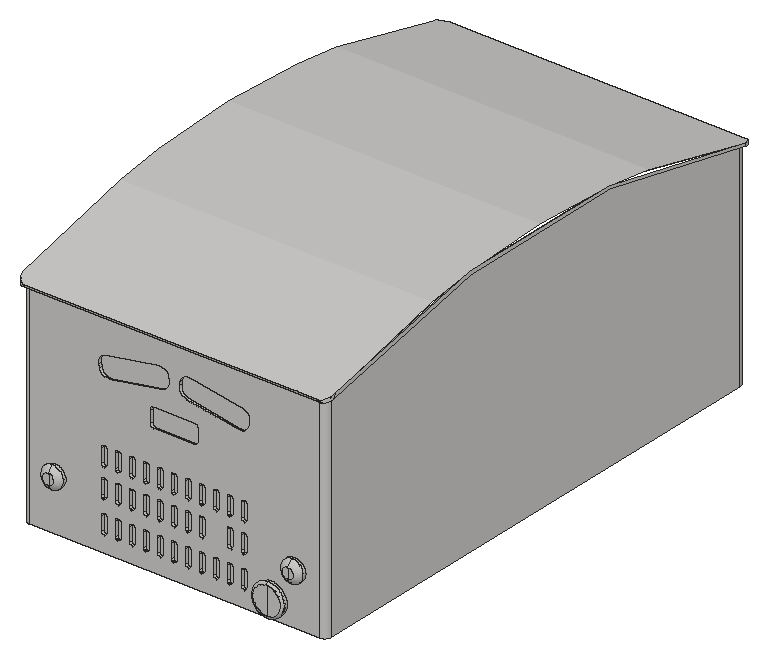
Revit family "PRD_FrankeWS_HndDrrs_STRATOSElectronicHandDryer_STRX220", category Specialty Equipment, host Face, Revit 2018
Family settings
  Host = Face
  Round Connector Dimension = Use Diameter
  Part Type = Normal
  OmniClass Number = 23.40.20.21.14
  OmniClass Title = Hand and Hair Dryers
  Cut with Voids When Loaded = No
  Shared = No
  Room Calculation Point = No
Parameters (values of type "STRX220")
  WarrantyStartDate [instance] = "1900-12-31T23:59:59"
  WarrantyGuarantorParts = "n/a"
  WarrantyGuarantorLabor = "n/a"
  WarrantyDurationUnit = "year"
  WarrantyDurationParts = "n/a"
  WarrantyDurationLabor = "n/a"
  WarrantyDescription = "n/a"
  Voltage = 240 V
  Version = "1"
  Uniclass2015Version = "Products v1.10"
  Uniclass2015Title = "Hand dryers"
  Uniclass2015Code = "Pr_40_70_62_37"
  URL = "www.kwc.com"
  TypeOfOperation = "Sensor operation"
  TypeOfMounting = "Wall mounting"
  TypeOfFixing = "Screw"
  TotalPower = 1000 W
  TagNumber [instance] = "n/a"
  SustainabilityPerformance = "n/a"
  SurfaceTreatment = "InoxPlus (anti fingerprint)"
  SoundLevel = "76.20 dB"
  Size = "156 x 267 x 130 mm"
  Shape = "n/a"
  SerialNumber [instance] = "n/a"
  Revision = "n/a"
  ReplacementCost = "n/a"
  RatedVoltage = "230-240 V"
  RatedCurrent = "0"
  ProductInformation = "https://pim.kwc.com/product/2030027296/attachment/datasheet?locale=en"
  PowerFactor = 1
  NumberOfPoles = "n/a"
  NominalWidth = 156 mm
  NominalHeight = 267 mm
  NominalFrequencyRange = "50-60 Hz"
  NominalDepth = 130 mm
  NetWeight = 4.30 kg
  Name = "STRATOS Electronic Hand Dryer STRX220"
  NBSTypeID = "n/a"
  NBSReference = "45-35-72/334"
  NBSOfficeMasterTag = "n/a"
  NBSNote = "n/a"
  NBSDescription = "Hand dryers"
  NBSCertification = "n/a"
  MotorPower = 500 W
  ModelReference = "STRX220"
  ModelNumber = "2030027296"
  Model = ModelReference  # "STRX220"
  MaterialThickness = "1.50 mm"
  MaterialCode = "1.4301"
  Material = "Stainless steel"
  ManufacturerURL = "www.kwc.com"
  ManufacturerName = "KWC Group AG"  # constant formula
  Manufacturer = ManufacturerName  # "KWC Group AG"
  LoadClassification = Other
  IntegralAccessories = "cable and plug not included"
  InsulationStandardClass = "n/a"
  InstallationDate [instance] = "1900-12-31T23:59:59"
  InputSupplyVoltageV = 220 V
  InputSupplyVoltageHz = 50 Hz
  IfcExportType = "HANDDRYER"
  IfcExportAs = "IfcElectricApplianceType"
  IP_Code = "IPX1"
  IK_Code = "n/a"
  HeatingPower = 500 W
  HasProtectiveEarth = "n/a"
  HandDryerMaterial = PRD_AR_StainlessSteel_SatinFinished
  GrossWeight = 4.50 kg
  Grade = "n/a"
  Finish = "satin finished"
  Features = "Stainless steel, surface satin finished"
  ExpectedLife = "n/a"
  DurationUnit = "year"
  Description = "Touch free electronic warm air hand dryer for wall mounting, stainless steel, surface satin finished, front with InoxPlus surface refinement for the reduction of finger marks and better cleaning characteristics (easy to clean), material thickness 1.5mm, curved front cover, infra-red sensor activity for non-touch operation, adjustable warm air temperature, sensor range adjustable from 10 to 25 cm, automatic power shut-off after 60 seconds, adjustable air velocity allows to shorten the drying time considerably, cable and plug not included."
  Default Elevation = 850 mm
  CreatedOn = "11/2019"  # constant formula
  Constituents = "n/a"
  ConnectionVoltage = "230-240 V, 50-60 Hz"
  ConductorFunction = "n/a"
  Color = "n/a"
  CodePerformance = "n/a"
  Category = "Pr_40_70_62_37, Hand dryers"
  BarCode [instance] = "n/a"
  BIMObjectName = "PRD_AR_HndDrrs_STRATOSElectronicHandDryer_STRX220"
  Author = "Archispace"  # constant formula
  AssetType = "Fixed"
  AssetIdentifier [instance] = "n/a"
  AirVolume = 80.0 m³/h
  AirVelocity = "Adjustable, 95-115 m/s"
  AccessibilityPerformance = "n/a"
Reference planes
  plane 1 "Center (Front/Back)": y = 0
  plane 2: z = 0
  plane 3 "Center (Left/Right)": x = 0
  plane 4: x = 130
  plane 5: x = -130
Dimensions and locks
  aligned and locked: plane 2 to host face
  aligned and locked: level to host face
Nested families
  nested 1: "STRX220" at (-49.574, 0, 0) x (1, 0, 0) z (0, 1, 0), type "STRX220"
Connectors
  electrical at (-49.574, 0, 0), driven by "LoadClassification", driven by "Voltage", driven by "PowerFactor"
    settings: on nested 1, index 1, voltage 240 V, apparent load 0 VA, apparent load phase1 0 VA, apparent load phase2 0 VA, apparent load phase3 0 VA, power factor 1, load classification "Other", number of poles 1, system type 30, power factor state 1, is connector primary yes, connector utility no, sub classification motor no, connector description ""
Definition of nested family "STRX220"
  Parameters (values of type "Family1")
    Material = none
    Default Elevation = 1219.2 mm
  Reference planes
    plane 1 "Center (Front/Back)": y = 0
    plane 2: z = 0
    plane 3 "Center (Left/Right)": x = 0
  Forms (mm)
    Extrusion 1, solid, material <- "Material", detail levels fine
      sketch origin (0, 0, 0) x (0, 1, 0) y (0, 0, 1)
        loop
          line (0, 131.25) -> (-107.359, 131.25)
          arc (-107.359, 131.25) -> (-128.499, 0) -> (-107.359, -131.25) r 418
          line (-107.359, -131.25) -> (0, -131.25) -> (0, 131.25)
      from -76 to 76
    Extrusion 2, solid, material <- "Material", detail levels fine
      sketch origin (0, 0, 0) x (0, 1, 0) y (0, 0, 1)
        loop
          arc (-106.764, -133.035) -> (-128.499, -0.005) -> (-106.767, 133.026) r 418
          line (-106.767, 133.026) -> (-108.189, 133.503)
          arc (-108.189, 133.503) -> (-129.999, -0.005) -> (-108.186, -133.513) r 419.5
          line (-108.186, -133.513) -> (-106.764, -133.035)
      from -78 to 78
    Extrusion 3, void
      sketch origin (0, 0, 0) x (1, 0, 0) y (0, 0, 1)
        loop
          line (78, 133.503) -> (73, 133.503)
          arc (73, 133.503) -> (76.536, 132.039) -> (78, 128.503) r 5
          line (78, 128.503) -> (78, 133.503)
        loop
          line (-78, 133.503) -> (-78, 128.503)
          arc (-78, 128.503) -> (-76.536, 132.039) -> (-73, 133.503) r 5
          line (-73, 133.503) -> (-78, 133.503)
        loop
          line (78, -133.503) -> (78, -128.503)
          arc (78, -128.503) -> (76.536, -132.039) -> (73, -133.503) r 5
          line (73, -133.503) -> (78, -133.503)
        loop
          line (-78, -133.503) -> (-73, -133.503)
          arc (-73, -133.503) -> (-76.536, -132.039) -> (-78, -128.503) r 5
          line (-78, -128.503) -> (-78, -133.503)
      from 102.109 to 124.53
    Revolve 4, solid, material <- "Material", detail levels fine
      sketch origin (-60, 0, 0) x (0, 1, 0) y (0, 0, 1)
        loop
          line (-26, -131.25) -> (-26, -135.203) -> (-23.225, -135.203)
          arc (-23.225, -135.203) -> (-21.644, -134.129) -> (-20.45, -132.637) r 6.416
          line (-20.45, -132.637) -> (-20.45, -131.25) -> (-26, -131.25)
        axis (-26, -131.25) -> (-26, -135.203)
      angle from 0 to 360
    Revolve 5, solid, material <- "Material", detail levels fine
      sketch origin (60, 0, 0) x (0, 1, 0) y (0, 0, 1)
        loop
          line (-26, -131.25) -> (-26, -135.203) -> (-23.225, -135.203)
          arc (-23.225, -135.203) -> (-21.644, -134.129) -> (-20.45, -132.637) r 6.416
          line (-20.45, -132.637) -> (-20.45, -131.25) -> (-26, -131.25)
        axis (-26, -131.25) -> (-26, -135.203)
      angle from 0 to 360
    Revolve 6, solid, material <- "Material", detail levels fine
      sketch origin (48.217, 0, 0) x (0, 1, 0) y (0, 0, 1)
        loop
          line (-1, -131.25) -> (-9, -131.25) -> (-9, -133.75) -> (-2, -133.75)
          arc (-2, -133.75) -> (-1.293, -133.457) -> (-1, -132.75) r 1
          line (-1, -132.75) -> (-1, -131.25)
        axis (-9, -131.25) -> (-9, -133.75)
      angle from 0 to 360
    Extrusion 7, void
      sketch origin (0, 0, 0) x (1, 0, 0) y (0, 1, 0)
        loop
          arc (-36.5, -16.5) -> (-35, -18) -> (-33.5, -16.5) r 1.5
          line (-33.5, -16.5) -> (-33.5, -9.5)
          arc (-33.5, -9.5) -> (-35, -8) -> (-36.5, -9.5) r 1.5
          line (-36.5, -9.5) -> (-36.5, -16.5)
        loop
          arc (-29.5, -16.5) -> (-28, -18) -> (-26.5, -16.5) r 1.5
          line (-26.5, -16.5) -> (-26.5, -9.5)
          arc (-26.5, -9.5) -> (-28, -8) -> (-29.5, -9.5) r 1.5
          line (-29.5, -9.5) -> (-29.5, -16.5)
        loop
          arc (-22.5, -16.5) -> (-21, -18) -> (-19.5, -16.5) r 1.5
          line (-19.5, -16.5) -> (-19.5, -9.5)
          arc (-19.5, -9.5) -> (-21, -8) -> (-22.5, -9.5) r 1.5
          line (-22.5, -9.5) -> (-22.5, -16.5)
        loop
          arc (-15.5, -16.5) -> (-14, -18) -> (-12.5, -16.5) r 1.5
          line (-12.5, -16.5) -> (-12.5, -9.5)
          arc (-12.5, -9.5) -> (-14, -8) -> (-15.5, -9.5) r 1.5
          line (-15.5, -9.5) -> (-15.5, -16.5)
        loop
          arc (-8.5, -16.5) -> (-7, -18) -> (-5.5, -16.5) r 1.5
          line (-5.5, -16.5) -> (-5.5, -9.5)
          arc (-5.5, -9.5) -> (-7, -8) -> (-8.5, -9.5) r 1.5
          line (-8.5, -9.5) -> (-8.5, -16.5)
        loop
          arc (-1.5, -16.5) -> (0, -18) -> (1.5, -16.5) r 1.5
          line (1.5, -16.5) -> (1.5, -9.5)
          arc (1.5, -9.5) -> (0, -8) -> (-1.5, -9.5) r 1.5
          line (-1.5, -9.5) -> (-1.5, -16.5)
        loop
          arc (5.5, -16.5) -> (7, -18) -> (8.5, -16.5) r 1.5
          line (8.5, -16.5) -> (8.5, -9.5)
          arc (8.5, -9.5) -> (7, -8) -> (5.5, -9.5) r 1.5
          line (5.5, -9.5) -> (5.5, -16.5)
        loop
          arc (12.5, -16.5) -> (14, -18) -> (15.5, -16.5) r 1.5
          line (15.5, -16.5) -> (15.5, -9.5)
          arc (15.5, -9.5) -> (14, -8) -> (12.5, -9.5) r 1.5
          line (12.5, -9.5) -> (12.5, -16.5)
        loop
          arc (19.5, -16.5) -> (21, -18) -> (22.5, -16.5) r 1.5
          line (22.5, -16.5) -> (22.5, -9.5)
          arc (22.5, -9.5) -> (21, -8) -> (19.5, -9.5) r 1.5
          line (19.5, -9.5) -> (19.5, -16.5)
        loop
          arc (26.5, -16.5) -> (28, -18) -> (29.5, -16.5) r 1.5
          line (29.5, -16.5) -> (29.5, -9.5)
          arc (29.5, -9.5) -> (28, -8) -> (26.5, -9.5) r 1.5
          line (26.5, -9.5) -> (26.5, -16.5)
        loop
          arc (33.5, -16.5) -> (35, -18) -> (36.5, -16.5) r 1.5
          line (36.5, -16.5) -> (36.5, -9.5)
          arc (36.5, -9.5) -> (35, -8) -> (33.5, -9.5) r 1.5
          line (33.5, -9.5) -> (33.5, -16.5)
        loop
          arc (-36.5, -32.5) -> (-35, -34) -> (-33.5, -32.5) r 1.5
          line (-33.5, -32.5) -> (-33.5, -25.5)
          arc (-33.5, -25.5) -> (-35, -24) -> (-36.5, -25.5) r 1.5
          line (-36.5, -25.5) -> (-36.5, -32.5)
        loop
          arc (-29.5, -32.5) -> (-28, -34) -> (-26.5, -32.5) r 1.5
          line (-26.5, -32.5) -> (-26.5, -25.5)
          arc (-26.5, -25.5) -> (-28, -24) -> (-29.5, -25.5) r 1.5
          line (-29.5, -25.5) -> (-29.5, -32.5)
        loop
          arc (-22.5, -32.5) -> (-21, -34) -> (-19.5, -32.5) r 1.5
          line (-19.5, -32.5) -> (-19.5, -25.5)
          arc (-19.5, -25.5) -> (-21, -24) -> (-22.5, -25.5) r 1.5
          line (-22.5, -25.5) -> (-22.5, -32.5)
        loop
          arc (-15.5, -32.5) -> (-14, -34) -> (-12.5, -32.5) r 1.5
          line (-12.5, -32.5) -> (-12.5, -25.5)
          arc (-12.5, -25.5) -> (-14, -24) -> (-15.5, -25.5) r 1.5
          line (-15.5, -25.5) -> (-15.5, -32.5)
        loop
          arc (-8.5, -32.5) -> (-7, -34) -> (-5.5, -32.5) r 1.5
          line (-5.5, -32.5) -> (-5.5, -25.5)
          arc (-5.5, -25.5) -> (-7, -24) -> (-8.5, -25.5) r 1.5
          line (-8.5, -25.5) -> (-8.5, -32.5)
        loop
          arc (-1.5, -32.5) -> (0, -34) -> (1.5, -32.5) r 1.5
          line (1.5, -32.5) -> (1.5, -25.5)
          arc (1.5, -25.5) -> (0, -24) -> (-1.5, -25.5) r 1.5
          line (-1.5, -25.5) -> (-1.5, -32.5)
        loop
          arc (5.5, -32.5) -> (7, -34) -> (8.5, -32.5) r 1.5
          line (8.5, -32.5) -> (8.5, -25.5)
          arc (8.5, -25.5) -> (7, -24) -> (5.5, -25.5) r 1.5
          line (5.5, -25.5) -> (5.5, -32.5)
        loop
          arc (12.5, -32.5) -> (14, -34) -> (15.5, -32.5) r 1.5
          line (15.5, -32.5) -> (15.5, -25.5)
          arc (15.5, -25.5) -> (14, -24) -> (12.5, -25.5) r 1.5
          line (12.5, -25.5) -> (12.5, -32.5)
        loop
          arc (26.5, -32.5) -> (28, -34) -> (29.5, -32.5) r 1.5
          line (29.5, -32.5) -> (29.5, -25.5)
          arc (29.5, -25.5) -> (28, -24) -> (26.5, -25.5) r 1.5
          line (26.5, -25.5) -> (26.5, -32.5)
        loop
          arc (33.5, -32.5) -> (35, -34) -> (36.5, -32.5) r 1.5
          line (36.5, -32.5) -> (36.5, -25.5)
          arc (36.5, -25.5) -> (35, -24) -> (33.5, -25.5) r 1.5
          line (33.5, -25.5) -> (33.5, -32.5)
        loop
          arc (-36.5, -47) -> (-35, -48.5) -> (-33.5, -47) r 1.5
          line (-33.5, -47) -> (-33.5, -40)
          arc (-33.5, -40) -> (-35, -38.5) -> (-36.5, -40) r 1.5
          line (-36.5, -40) -> (-36.5, -47)
        loop
          arc (-29.5, -47) -> (-28, -48.5) -> (-26.5, -47) r 1.5
          line (-26.5, -47) -> (-26.5, -40)
          arc (-26.5, -40) -> (-28, -38.5) -> (-29.5, -40) r 1.5
          line (-29.5, -40) -> (-29.5, -47)
        loop
          arc (-22.5, -47) -> (-21, -48.5) -> (-19.5, -47) r 1.5
          line (-19.5, -47) -> (-19.5, -40)
          arc (-19.5, -40) -> (-21, -38.5) -> (-22.5, -40) r 1.5
          line (-22.5, -40) -> (-22.5, -47)
        loop
          arc (-15.5, -47) -> (-14, -48.5) -> (-12.5, -47) r 1.5
          line (-12.5, -47) -> (-12.5, -40)
          arc (-12.5, -40) -> (-14, -38.5) -> (-15.5, -40) r 1.5
          line (-15.5, -40) -> (-15.5, -47)
        loop
          arc (-8.5, -47) -> (-7, -48.5) -> (-5.5, -47) r 1.5
          line (-5.5, -47) -> (-5.5, -40)
          arc (-5.5, -40) -> (-7, -38.5) -> (-8.5, -40) r 1.5
          line (-8.5, -40) -> (-8.5, -47)
        loop
          arc (-1.5, -47) -> (0, -48.5) -> (1.5, -47) r 1.5
          line (1.5, -47) -> (1.5, -40)
          arc (1.5, -40) -> (0, -38.5) -> (-1.5, -40) r 1.5
          line (-1.5, -40) -> (-1.5, -47)
        loop
          arc (5.5, -47) -> (7, -48.5) -> (8.5, -47) r 1.5
          line (8.5, -47) -> (8.5, -40)
          arc (8.5, -40) -> (7, -38.5) -> (5.5, -40) r 1.5
          line (5.5, -40) -> (5.5, -47)
        loop
          arc (12.5, -47) -> (14, -48.5) -> (15.5, -47) r 1.5
          line (15.5, -47) -> (15.5, -40)
          arc (15.5, -40) -> (14, -38.5) -> (12.5, -40) r 1.5
          line (12.5, -40) -> (12.5, -47)
        loop
          arc (19.5, -47) -> (21, -48.5) -> (22.5, -47) r 1.5
          line (22.5, -47) -> (22.5, -40)
          arc (22.5, -40) -> (21, -38.5) -> (19.5, -40) r 1.5
          line (19.5, -40) -> (19.5, -47)
        loop
          arc (26.5, -47) -> (28, -48.5) -> (29.5, -47) r 1.5
          line (29.5, -47) -> (29.5, -40)
          arc (29.5, -40) -> (28, -38.5) -> (26.5, -40) r 1.5
          line (26.5, -40) -> (26.5, -47)
        loop
          arc (33.5, -47) -> (35, -48.5) -> (36.5, -47) r 1.5
          line (36.5, -47) -> (36.5, -40)
          arc (36.5, -40) -> (35, -38.5) -> (33.5, -40) r 1.5
          line (33.5, -40) -> (33.5, -47)
        loop
          arc (-32.276, -78.844) -> (-35.618, -79.585) -> (-37.457, -82.472) r 4.473
          line (-37.457, -82.472) -> (-37.752, -84.146)
          arc (-37.752, -84.146) -> (-37.007, -87.509) -> (-34.102, -89.359) r 4.5
          line (-34.102, -89.359) -> (-8.004, -93.96)
          arc (-8.004, -93.96) -> (-4.642, -93.214) -> (-2.791, -90.31) r 4.5
          line (-2.791, -90.31) -> (-2.501, -88.663)
          arc (-2.501, -88.663) -> (-3.247, -85.3) -> (-6.151, -83.45) r 4.5
          line (-6.151, -83.45) -> (-32.276, -78.844)
        loop
          line (32.276, -78.844) -> (6.151, -83.45)
          arc (6.151, -83.45) -> (3.247, -85.3) -> (2.501, -88.663) r 4.5
          line (2.501, -88.663) -> (2.791, -90.31)
          arc (2.791, -90.31) -> (4.642, -93.214) -> (8.004, -93.96) r 4.5
          line (8.004, -93.96) -> (34.102, -89.359)
          arc (34.102, -89.359) -> (37.007, -87.509) -> (37.752, -84.146) r 4.5
          line (37.752, -84.146) -> (37.457, -82.472)
          arc (37.457, -82.472) -> (35.618, -79.585) -> (32.276, -78.844) r 4.473
        loop
          arc (-10, -64.5) -> (-11.414, -65.086) -> (-12, -66.5) r 2
          line (-12, -66.5) -> (-12, -72.5)
          arc (-12, -72.5) -> (-11.414, -73.914) -> (-10, -74.5) r 2
          line (-10, -74.5) -> (10, -74.5)
          arc (10, -74.5) -> (11.414, -73.914) -> (12, -72.5) r 2
          line (12, -72.5) -> (12, -66.5)
          arc (12, -66.5) -> (11.414, -65.086) -> (10, -64.5) r 2
          line (10, -64.5) -> (-10, -64.5)
      from -135.203 to -130
    Extrusion 8, void
      sketch origin (0, 0, 0) x (1, 0, 0) y (0, 0, 1)
        loop
          line (-76, 131.25) -> (-76, 127.75)
          arc (-76, 127.75) -> (-74.975, 130.225) -> (-72.5, 131.25) r 3.5
          line (-72.5, 131.25) -> (-76, 131.25)
        loop
          line (76, 131.25) -> (72.5, 131.25)
          arc (72.5, 131.25) -> (74.975, 130.225) -> (76, 127.75) r 3.5
          line (76, 127.75) -> (76, 131.25)
        loop
          line (-76, -131.25) -> (-72.5, -131.25)
          arc (-72.5, -131.25) -> (-74.975, -130.225) -> (-76, -127.75) r 3.5
          line (-76, -127.75) -> (-76, -131.25)
        loop
          line (76, -131.25) -> (76, -127.75)
          arc (76, -127.75) -> (74.975, -130.225) -> (72.5, -131.25) r 3.5
          line (72.5, -131.25) -> (76, -131.25)
      from -14.999 to 140.78
    Extrusion 9, solid, material <- "Material", detail levels medium
      sketch origin (0, 0, 0) x (0, 1, 0) y (0, 0, 1)
        loop
          line (0, 131.25) -> (-107.359, 131.25)
          arc (-107.359, 131.25) -> (-128.499, 0) -> (-107.359, -131.25) r 418
          line (-107.359, -131.25) -> (0, -131.25) -> (0, 131.25)
      from -76 to 76
    Extrusion 10, solid, material <- "Material", detail levels medium
      sketch origin (0, 0, 0) x (0, 1, 0) y (0, 0, 1)
        loop
          arc (-106.764, -133.035) -> (-128.499, -0.005) -> (-106.767, 133.026) r 418
          line (-106.767, 133.026) -> (-108.189, 133.503)
          arc (-108.189, 133.503) -> (-129.999, -0.005) -> (-108.186, -133.513) r 419.5
          line (-108.186, -133.513) -> (-106.764, -133.035)
      from -78 to 78
    Extrusion 11, solid, material <- "Material", detail levels coarse
      sketch origin (0, 0, 0) x (0, 1, 0) y (0, 0, 1)
        loop
          line (0, -131.25) -> (0, 131.25) -> (-129.999, 131.25) -> (-129.999, -131.25) -> (0, -131.25)
      from -78 to 78
  Cuts and joins
    Extrusion 3 cuts Extrusion 2
    Extrusion 7, Extrusion 8 cuts Extrusion 1
  Dimensions and locks
    aligned and locked: level to plane 2
